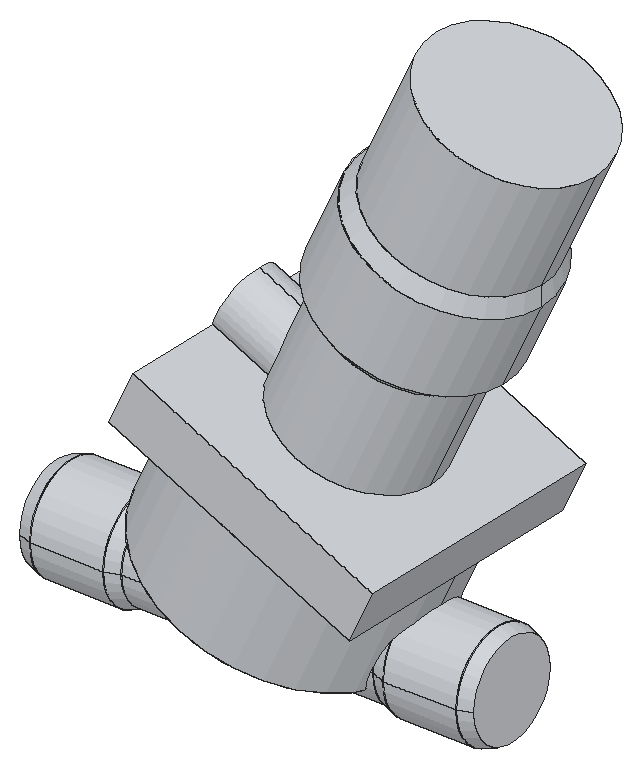
Revit family "OPTIMA_Compact_P_MM_DN15_2,5_RFA_2018", category Pipe Accessories, Revit 2018
Family settings
  Round Connector Dimension = Use Diameter
  Part Type = Valve - Breaks Into
  Work Plane-Based = No
  Always vertical = Yes
  Cut with Voids When Loaded = No
  Shared = No
Parameters (values of type "OPTIMA Compact P DN15 M-M 2.5mm")
  magiProductId = "e2c6e2867cb04e20b310fc655d8e25"
  magiProductFamilyId = "5ce2593e541b4756b7958a6220b877"
  magiPartTypeId = 304
  isMeasuringValve [instance] = no
  ang2D [instance] = 0.00°
  Z6 = 5 mm
  Z5 = 88.5 mm
  Z4 = 18.303 mm
  Z3 = 13 mm
  Z2 = 8.022 mm
  Z1 = 16.845 mm
  X2 = 10.5 mm
  X1 = 14.5 mm
  W2D = 15 mm
  VersionID = "2.0/2019.5.23.1/FRESE_OPTIMA-P_201"
  VIS0 = no
  Use Minimum Symbol Size [instance] = no
  URL = "www.hydronic.cz"
  Type Comments = "vnější závit; PN25; 0~120°C, dpmax=800kPa; bez měřicích vsuvek"
  TLT2 = 32.5 mm
  TL = 65 mm
  R7 = 5 mm
  R5 = 13.794 mm
  R4 = 12.54 mm
  R3 = 11.4 mm
  R2__ve = -R2  # -19 mm
  R2 = 19 mm
  R1 = 6.75 mm
  QmdConnectorList = "301;D;302;D"
  Productdata [instance] = ""
  Manufacturer = "Hydronic Systems Prague s.r.o."
  MC Product Code = "53-4100  (1/2\" M-M; 2.5mm; Qmin~Qmax při dps=5kPa = 93~482 l/h; Qmin~Qmax při dps=10kPa = 73~378 l/h; kvs=1,3)"
  MC Piping Given Pressure Drop [instance] = 0.0 Pa
  MC Enable LOD 350 = no
  MC Enable LOD 200 = no
  MC Constant Outlet Pressure [instance] = 0.0 Pa
  LLDONLY = not(BBVIS)  # yes
  LLDAndHLD = and(or(LLDONLY, MC Enable LOD 350), not(BBVIS))  # yes
  L4 = 13.435 mm
  L3 = 19 mm
  L2D_Min = 30.48 mm
  L2D = 36 mm
  L2 = 44.42 mm
  L = 36 mm
  HH = 80.215 mm
  H = 83 mm
  ENBL350 = and(MC Enable LOD 350, not(BBVIS))  # no
  Description = "Armatura pro regulaci průtoku, omezení průtoku a stabilizaci tlakové diference"
  DT2 = 7.5 mm
  D = 15 mm
  CAT = no
  BBVIS = MC Enable LOD 200  # no
Types (4, lengths in mm): name | magiProductId | Z5 | X2 | X1 | W2D | TLT2 | TL | R1 | MC Product Code | L2D | L | DT2 | D
  OPTIMA Compact P DN15 M-M 2.5mm | "e2c6e2867cb04e20b310fc655d8e25" | 88.5 | 10.5 | 14.5 | 15 | 32.5 | 65 | 6.75 | "53-4100  (1/2\" M-M; 2.5mm; Qmin~Qmax při dps=5kPa = 93~482 l/h; Qmin~Qmax při dps=10kPa = 73~378 l/h; kvs=1,3)" | 36 | 36 | 7.5 | 15
  OPTIMA Compact P DN15 M-M 5.0mm | "de010cba6d924babace2e100200bd1" | 88.5 | 10.5 | 14.5 | 15 | 32.5 | 65 | 6.75 | "53-4102  (1/2\" M-M; 5.0mm; Qmin~Qmax při dps=5kPa = 198~1032 l/h; Qmin~Qmax při dps=10kPa = 156~809 l/h; kvs=2,7)" | 36 | 36 | 7.5 | 15
  OPTIMA Compact P DN20 M-M 2.5mm | "9b3b796f370b421c8a31739fcad6d9" | 91 | 12.8 | 16.8 | 20 | 35 | 70 | 9 | "53-4103  (3/4\" M-M; 2.5mm; Qmin~Qmax při dps=5kPa = 93~482 l/h; Qmin~Qmax při dps=10kPa = 73~378 l/h; kvs=1,3)" | 36.4 | 36.4 | 10 | 20
  OPTIMA Compact P DN20 M-M 5.0mm | "2f6d325ab3f64974a2f7ca30c30193" | 91 | 12.8 | 16.8 | 20 | 35 | 70 | 9 | "53-4105  (3/4\" M-M; 5.0mm; Qmin~Qmax při dps=5kPa = 198~1032 l/h; Qmin~Qmax při dps=10kPa = 156~809 l/h; kvs=2,7)" | 36.4 | 36.4 | 10 | 20
Reference planes
  plane 1 "Center (Front/Back)": y = 0
  plane 2 "XYPLANE": z = 0
  plane 3 "Center (Left/Right)": x = 0
  plane 4 "100": y = -19
  plane 5 "99": y = 19
  plane 6 "98": x = 44.42
  plane 7 "94": through (-654.382, 0, 375.613) normal (0.4226, 0, 0.9063)
  plane 8 "92": through (-655.439, 0, 373.347) normal (0.4226, 0, 0.9063)
  plane 9 "86": z = -7.5
  plane 10 "76": through (305.901, 0, 683.957) normal (0.9063, 0, -0.4226)
  plane 11 "60": through (-660.933, 0, 361.565) normal (0.4226, 0, 0.9063)
  plane 12 "57": through (-661.99, 0, 359.299) normal (0.4226, 0, 0.9063)
  plane 13 "55": through (-669.109, 0, 344.032) normal (0.4226, 0, 0.9063)
  plane 14 "52": through (-668.263, 0, 345.845) normal (0.4226, 0, 0.9063)
  plane 15 "48": through (-672.499, 0, 336.762) normal (0.4226, 0, 0.9063)
  plane 16 "47": y = -19
  plane 17 "46": y = 19
  plane 18 "45": through (332.184, 0, 671.701) normal (0.9063, 0, -0.4226)
  plane 19 "44": through (297.744, 0, 687.761) normal (0.9063, 0, -0.4226)
  plane 20 "40": through (-682.576, 0, 315.151) normal (0.4226, 0, 0.9063)
  plane 21 "38": through (-679.618, 0, 321.495) normal (0.4226, 0, 0.9063)
  plane 22 "37": y = 0
  plane 23 "36": through (314.964, 0, 679.731) normal (0.9063, 0, -0.4226)
  plane 24 "32": x = 30.5
  plane 25 "31": x = 20
  plane 26 "30": x = 18
  plane 27 "19": x = -18
  plane 28 "18": x = -20
  plane 29 "12": x = -30.5
  plane 30 "6": x = 32.5
  plane 31 "5": x = -32.5
  plane 32 "3": z = 0
  plane 33 "2": y = 0
  plane 34 "33XY": through (-681.731, 0, 316.964) normal (0.4226, 0, 0.9063)
  plane 35 "33XZ": y = 0
  plane 36 "33YZ": through (314.964, 0, 679.731) normal (0.9063, 0, -0.4226)
Forms (mm)
  Extrusion 1, solid, visible <- "BBVIS"
    sketch origin (-750, 0, -7.5) x (1, 0, 0) y (0, 1, 0)
      loop
        line (717.5, 19) -> (717.5, -19) -> (794.42, -19) -> (794.42, 19) -> (717.5, 19)
    from 0 to 88.5 <- "Z5"
  Extrusion 2, solid, visible <- "LLDAndHLD"
    sketch origin (-654.382, 0, 375.613) x (0.906308, 0, -0.422618) y (0, 1, 0)
      loop
        circle (750, 0) r 12.54
    from 0 to 18.303 <- "Z4"
  Blend 3, solid, visible <- "LLDAndHLD"
    base sketch origin (-655.439, 0, 373.347) x (0.906308, 0, -0.422618) y (0, 1, 0)
      loop
        circle (750, 0) r 13.794
    top sketch origin (-655.439, 0, 373.347) x (0.906308, 0, -0.422618) y (0, 1, 0)
      loop
        circle (750, 0) r 12.54
    from 0 to 2.5
  Extrusion 4, solid, visible <- "LLDAndHLD"
    sketch origin (-660.933, 0, 361.565) x (0.906308, 0, -0.422618) y (0, 1, 0)
      loop
        circle (750, 0) r 13.794
    from 0 to 13 <- "Z3"
  Blend 5, solid, visible <- "LLDAndHLD"
    base sketch origin (-661.99, 0, 359.299) x (0.906308, 0, -0.422618) y (0, 1, 0)
      loop
        circle (750, 0) r 11.4
    top sketch origin (-661.99, 0, 359.299) x (0.906308, 0, -0.422618) y (0, 1, 0)
      loop
        circle (750, 0) r 12.54
    from 0 to 2.5
  Extrusion 6, solid, visible <- "LLDAndHLD"
    sketch origin (-669.109, 0, 344.032) x (0.906308, 0, -0.422618) y (0, 1, 0)
      loop
        circle (750, 0) r 11.4
    from 0 to 16.845 <- "Z1"
  Extrusion 7, solid, visible <- "LLDAndHLD"
    sketch origin (314.964, 0, 679.731) x (-0.422618, 0, -0.906308) y (0, 1, 0)
      loop
        circle (718.133, 0) r 5
    from 0 to -19 <- "R2__ve"
  Extrusion 8, solid, visible <- "LLDAndHLD"
    sketch origin (-672.499, 0, 336.762) x (0.906308, 0, -0.422618) y (0, 1, 0)
      loop
        line (731, 19) -> (731, -19) -> (769, -19) -> (769, 19) -> (731, 19)
    from 0 to 8.022 <- "Z2"
  Blend 9, solid, visible <- "LLDAndHLD"
    base sketch origin (-682.576, 0, 315.151) x (0.906308, 0, -0.422618) y (0, 1, 0)
      loop
        circle (740, 0) r 6.75
    top sketch origin (-682.576, 0, 315.151) x (0.906308, 0, -0.422618) y (0, 1, 0)
      loop
        circle (750, 0) r 19
    from 0 to 7
  Extrusion 10, solid, visible <- "LLDAndHLD"
    sketch origin (-679.618, 0, 321.495) x (0.906308, 0, -0.422618) y (0, 1, 0)
      loop
        circle (750, 0) r 19
    from 0 to 16.845 <- "Z1"
  Extrusion 11, solid, visible <- "LLDAndHLD"
    sketch origin (-18, -750, 0) x (0, 1, 0) y (0, 0, 1)
      loop
        circle (750, 0) r 6.75
    from 0 to 36 <- "L"
  Blend 12, solid, visible <- "LLDAndHLD"
    base sketch origin (18, -750, 0) x (0, 1, 0) y (0, 0, 1)
      loop
        circle (750, 0) r 6.75
    top sketch origin (18, -750, 0) x (0, 1, 0) y (0, 0, 1)
      loop
        circle (750, 0) r 7.5
    from 0 to 2
  Extrusion 13, solid, visible <- "LLDAndHLD"
    sketch origin (20, -750, 0) x (0, 1, 0) y (0, 0, 1)
      loop
        circle (750, 0) r 7.5
    from 0 to 10.5 <- "X2"
  Blend 14, solid, visible <- "LLDAndHLD"
    base sketch origin (32.5, -750, 0) x (0, 1, 0) y (0, 0, 1)
      loop
        circle (750, 0) r 6.75
    top sketch origin (32.5, -750, 0) x (0, 1, 0) y (0, 0, 1)
      loop
        circle (750, 0) r 7.5
    from 0 to -2
  Blend 15, solid, visible <- "LLDAndHLD"
    base sketch origin (-18, -750, 0) x (0, 1, 0) y (0, 0, 1)
      loop
        circle (750, 0) r 6.75
    top sketch origin (-18, -750, 0) x (0, 1, 0) y (0, 0, 1)
      loop
        circle (750, 0) r 7.5
    from 0 to -2
  Extrusion 16, solid, visible <- "LLDAndHLD"
    sketch origin (-30.5, -750, 0) x (0, 1, 0) y (0, 0, 1)
      loop
        circle (750, 0) r 7.5
    from 0 to 10.5 <- "X2"
  Blend 17, solid, visible <- "LLDAndHLD"
    base sketch origin (-32.5, -750, 0) x (0, 1, 0) y (0, 0, 1)
      loop
        circle (750, 0) r 6.75
    top sketch origin (-32.5, -750, 0) x (0, 1, 0) y (0, 0, 1)
      loop
        circle (750, 0) r 7.5
    from 0 to 2
  Extrusion 18, solid, not visible
    sketch origin (18, -750, 0) x (0, 1, 0) y (0, 0, 1)
      loop
        circle (750, 0) r 10
    from 0 to -10
  Extrusion 19, solid, not visible
    sketch origin (-18, -750, 0) x (0, 1, 0) y (0, 0, 1)
      loop
        circle (750, 0) r 10
    from 0 to 10
Lines and regions (mm)
  reference lines, not visible
    curve 1: circle (2, 2, 0) r 1 normal (0, 0, 1)
Dimensions and locks
  plane 1 "Center (Front/Back)" to curve 1 = 2 mm
  "R2": plane 1 "Center (Front/Back)" to plane 4 "100"
  "R2": plane 1 "Center (Front/Back)" to plane 5 "99"
  "L2": plane 3 "Center (Left/Right)" to plane 6 "98"
  locked: plane 8 "92" to plane 7 "94" at 2.5
  "Z3": plane 11 "60" to plane 8 "92"
  "DT2": plane 2 "XYPLANE" to plane 9 "86"
  locked: plane 36 "33YZ" to plane 10 "76" at 10
  locked: plane 12 "57" to plane 11 "60" at 2.5
  "Z1": plane 13 "55" to plane 12 "57"
  "Z2": plane 15 "48" to plane 13 "55"
  locked: plane 13 "55" to plane 14 "52" at 2
  "Z1": plane 21 "38" to plane 15 "48"
  "R2": plane 35 "33XZ" to plane 16 "47"
  "R2": plane 35 "33XZ" to plane 17 "46"
  "R2": plane 36 "33YZ" to plane 18 "45"
  "R2": plane 36 "33YZ" to plane 19 "44"
  locked: plane 34 "33XY" to plane 20 "40" at 2
  locked: plane 34 "33XY" to plane 21 "38" at 5
  locked: plane 35 "33XZ" to plane 22 "37"
  locked: plane 36 "33YZ" to plane 23 "36"
  "X2": plane 25 "31" to plane 24 "32"
  locked: plane 26 "30" to plane 25 "31" at 2
  "L": plane 27 "19" to plane 26 "30"
  locked: plane 28 "18" to plane 27 "19" at 2
  "X2": plane 29 "12" to plane 28 "18"
  locked: plane 31 "5" to plane 29 "12" at 2
  locked: plane 24 "32" to plane 30 "6" at 2
  "TLT2": plane 3 "Center (Left/Right)" to plane 31 "5"
  locked: plane 2 "XYPLANE" to plane 32 "3"
  locked: plane 1 "Center (Front/Back)" to plane 33 "2"
  Extrusion 1 sketch curve to Extrusion 1 sketch curve = 0 mm  (x8)
  Extrusion 8 sketch curve to Extrusion 8 sketch curve = 0 mm  (x8)
  "R4": radius of Extrusion 2 sketch curve
  "R4": radius of Blend 3 sketch curve
  "R5": radius of Blend 3 sketch curve
  "R5": radius of Extrusion 4 sketch curve
  "R4": radius of Blend 5 sketch curve
  "R3": radius of Blend 5 sketch curve
  "R3": radius of Extrusion 6 sketch curve
  "R7": radius of Extrusion 7 sketch curve
  "R2": radius of Blend 9 sketch curve
  "R1": radius of Blend 9 sketch curve
  "R2": radius of Extrusion 10 sketch curve
  "R1": radius of Extrusion 11 sketch curve
  "DT2": radius of Blend 12 sketch curve
  "R1": radius of Blend 12 sketch curve
  "DT2": radius of Extrusion 13 sketch curve
  "DT2": radius of Blend 14 sketch curve
  "R1": radius of Blend 14 sketch curve
  "DT2": radius of Blend 15 sketch curve
  "R1": radius of Blend 15 sketch curve
  "DT2": radius of Extrusion 16 sketch curve
  "DT2": radius of Blend 17 sketch curve
  "R1": radius of Blend 17 sketch curve
  aligned and locked: level to plane 2 "XYPLANE"
  aligned and locked: Extrusion 1 sketch curve to plane 31 "5"
  aligned and locked: plane 5 "99" to Extrusion 1 sketch curve  (x2)
  aligned and locked: plane 4 "100" to Extrusion 1 sketch curve  (x2)
  aligned and locked: plane 31 "5" to Extrusion 1 sketch curve
  aligned and locked: plane 6 "98" to Extrusion 1 sketch curve  (x2)
  aligned and locked: plane 22 "37" to Extrusion 2 sketch curve
  aligned and locked: Extrusion 2 sketch curve to plane 23 "36"
  aligned and locked: plane 22 "37" to Blend 3 sketch curve  (x2)
  aligned and locked: Blend 3 sketch curve to plane 23 "36"  (x2)
  aligned and locked: plane 7 "94" to Blend 3
  aligned and locked: plane 22 "37" to Extrusion 4 sketch curve
  aligned and locked: Extrusion 4 sketch curve to plane 23 "36"
  aligned and locked: plane 22 "37" to Blend 5 sketch curve  (x2)
  aligned and locked: Blend 5 sketch curve to plane 23 "36"  (x2)
  aligned and locked: plane 11 "60" to Blend 5
  aligned and locked: plane 22 "37" to Extrusion 6 sketch curve
  aligned and locked: Extrusion 6 sketch curve to plane 23 "36"
  aligned and locked: plane 14 "52" to Extrusion 7 sketch curve
  aligned and locked: plane 22 "37" to Extrusion 7 sketch curve
  aligned and locked: Extrusion 8 sketch curve to plane 19 "44"  (x2)
  aligned and locked: plane 17 "46" to Extrusion 8 sketch curve  (x2)
  aligned and locked: Extrusion 8 sketch curve to plane 16 "47"
  aligned and locked: Extrusion 8 sketch curve to plane 18 "45"
  aligned and locked: plane 16 "47" to Extrusion 8 sketch curve
  aligned and locked: plane 18 "45" to Extrusion 8 sketch curve
  aligned and locked: plane 22 "37" to Blend 9 sketch curve  (x2)
  aligned and locked: Blend 9 sketch curve to plane 23 "36"
  aligned and locked: Blend 9 sketch curve to plane 10 "76"
  aligned and locked: plane 21 "38" to Blend 9
  aligned and locked: plane 22 "37" to Extrusion 10 sketch curve
  aligned and locked: Extrusion 10 sketch curve to plane 23 "36"
  aligned and locked: plane 32 "3" to Extrusion 11 sketch curve
  aligned and locked: Extrusion 11 sketch curve to plane 33 "2"
  aligned and locked: plane 32 "3" to Blend 12 sketch curve  (x2)
  aligned and locked: Blend 12 sketch curve to plane 33 "2"  (x2)
  aligned and locked: plane 25 "31" to Blend 12
  aligned and locked: plane 32 "3" to Extrusion 13 sketch curve
  aligned and locked: Extrusion 13 sketch curve to plane 33 "2"
  aligned and locked: plane 32 "3" to Blend 14 sketch curve  (x2)
  aligned and locked: Blend 14 sketch curve to plane 33 "2"  (x2)
  aligned and locked: Blend 14 to plane 24 "32"
  aligned and locked: plane 32 "3" to Blend 15 sketch curve  (x2)
  aligned and locked: Blend 15 sketch curve to plane 33 "2"  (x2)
  aligned and locked: Blend 15 to plane 28 "18"
  aligned and locked: plane 32 "3" to Extrusion 16 sketch curve
  aligned and locked: Extrusion 16 sketch curve to plane 33 "2"
  aligned and locked: plane 32 "3" to Blend 17 sketch curve  (x2)
  aligned and locked: Blend 17 sketch curve to plane 33 "2"  (x2)
  aligned and locked: plane 29 "12" to Blend 17
  aligned and locked: plane 32 "3" to Extrusion 18 sketch curve
  aligned and locked: Extrusion 18 sketch curve to plane 33 "2"
  aligned and locked: plane 32 "3" to Extrusion 19 sketch curve
  aligned and locked: Extrusion 19 sketch curve to plane 33 "2"
Automatic sketch dimensions
  plane 4 "100" to Extrusion 18 sketch curve = 9 mm
  plane 4 "100" to Extrusion 19 sketch curve = 9 mm
  plane 3 "Center (Left/Right)" to curve 1 = 2 mm
  radius of curve 1 = 1 mm
Nested families
  nested 1: "1_RadialArray" at (10.622, 0, 27.068) x (0.6409, 0.7071, -0.2988) z (0.4226, 0, 0.9063), L1 <- "L3", type "Family2"
    with StartAngle 0.00°, NumberOfObjects 4, ModelLinesVisible no, L1 19 mm, H 5 mm, DN 10 mm, ArcAngle 360.00°
Connectors
  piping at (-18, 0, 0), diameter 15, driven by "D"
    settings: on Extrusion 19, index 1, connector inside diameter 609.6 mm, connector length 0 mm, flow factor 0, pipe flow 0.0 L/s, pressure drop 0.0 Pa, fitting loss kfactor 0, connector angle 0.00°, fixture units 0, engagement length 0 mm, angle of deflection 0.00°, flow configuration 0, flow direction 0, fitting loss method 0, system type 29, joint type 0, gender type 0, connector reference index 2, connector utility 0, adjustable connector no, is connector primary yes, connector description ""
  piping at (18, 0, 0), diameter 15, driven by "D"
    settings: on Extrusion 18, index 2, connector inside diameter 609.6 mm, connector length 0 mm, flow factor 0, pipe flow 0.0 L/s, pressure drop 0.0 Pa, fitting loss kfactor 0, connector angle 0.00°, fixture units 0, engagement length 0 mm, angle of deflection 0.00°, flow configuration 0, flow direction 0, fitting loss method 0, system type 29, joint type 0, gender type 0, connector reference index 1, connector utility 0, adjustable connector no, is connector primary no, connector description ""
